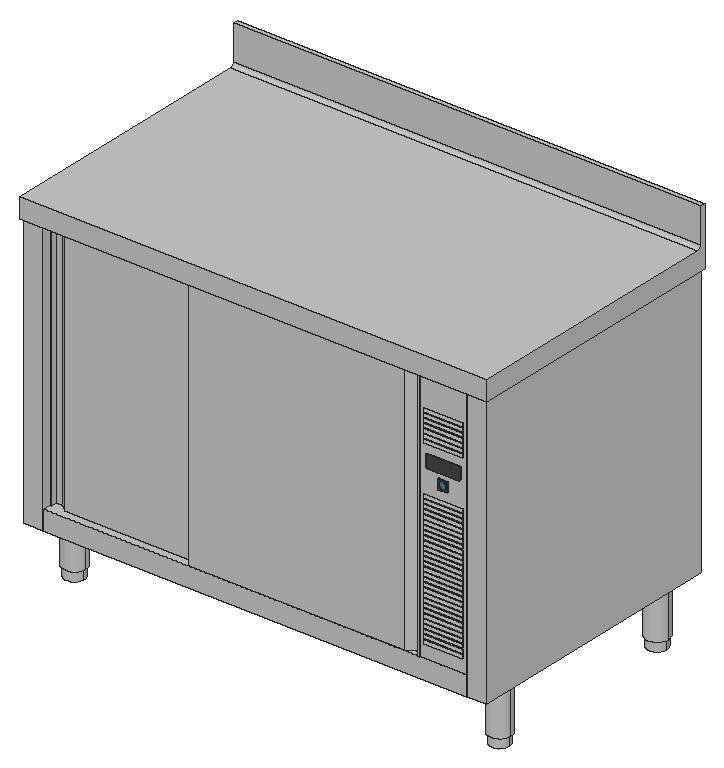
Revit family "QF_ZANUSSI_132791_MTC1210PN", category Attrezzature speciali, Revit 2020
Family settings
  Quota connettore circolare = Usa diametro
  Tipo di parte = Normale
  Basato su piano di lavoro = No
  Sempre verticale = Sì
  Taglio con vuoti quando caricato = No
  Condiviso = No
  Punto di calcolo locali = No
Parameters (values of type "Standard")
  Weight = 55.00 kg
  Watts = 2400 W
  Volts = 220 V
  URL Manufacturer = "http://www.zanussiprofessional.com"
  URL = "http://www.zanussiprofessional.com"
  Steam Supply Size = 0 mm
  Steam Supply Minimum Pressure = 0.0 Pa
  Steam Supply Maximum Pressure = 0.0 Pa
  Steam Consumption per Hour = 0
  Refrigeration Suction Line Size = 0.0 mm
  Refrigeration Liquid Line Size = 0.0 mm
  Refrigerant Compressor Remote = yes
  Prospetto di default = 0.0 mm
  Produttore = "Zanussi"
  Phase = 1
  Modello = "MTC1210PN"
  Length Actual = 1200.0 mm  # constant formula
  Item Number = "132791"
  Hot Water Size = 0 mm
  Height Actual = 1000.0 mm  # constant formula
  HP = "3.2 HP"
  Gas Size = 0 mm
  Gas KW = 0
  Gas Input Pressure = 0 W
  Direct Waste Size = 0 mm
  Descrizione = "HOT CUPB.VENT+UPST+SHELF+SLIDING D. 1200"
  Depth Actual = 700.0 mm  # constant formula
  Cycle = 50 Hz
  Condensate Return Size = 0 mm
  Compressed Air Volume = 0.0 L/s
  Compressed Air Size = 0 mm
  Compressed Air Pressure = 0.0 Pa
  Cold Water Size = 0 mm
  Accessory = yes
Reference planes
  plane 1 "Center (Front/Back)": y = 0
  plane 2: z = 0
  plane 3 "Center (Left/Right)": x = -100
  plane 4 "LEFT": x = -700
  plane 5 "RIGHT": x = 500
  plane 6 "BACK": y = 350
  plane 7 "FRONT": y = -350
  plane 8 "Base": z = 850
  plane 9 "TOP": z = 900
  plane 10: x = -646.5
  plane 11: x = 446.5
  plane 12: y = 264.5
  plane 13: y = -241.5
  plane 14 "BodyLeft": x = -694.5
  plane 15 "BodyFront": y = -344.5
  plane 16 "BodyRight": x = 494.5
  plane 17 "BodyBack": y = 344.5
  plane 18 "FEET": z = 150
  plane 19: x = 324.5
  plane 20: x = -161
  plane 21: x = 444.5
  plane 22 "EIx": x = 400
  plane 23 "EIy": y = -170
Forms (mm)
  Extrusion 1, solid, material "QF_Finishes_Stainless Steel"
    sketch origin (-100, 0, 0) x (0, 1, 0) y (0, 0, 1)
      loop
        line (-350, 850) -> (350, 850) -> (350, 1000) -> (337, 1000) -> (337, 910)
        arc (337, 910) -> (334.071, 902.929) -> (327, 900) r 10
        line (327, 900) -> (-350, 900) -> (-350, 850)
    from 600 to -600
  Extrusion 2, solid, material "QF_Finishes_Stainless Steel"
    sketch origin (0, 0, 150) x (-1, 0, 0) y (0, -1, 0)
      loop
        line (694.5, -344.5) -> (694.5, 344.5) -> (644.5, 344.5) -> (644.5, -344.5) -> (694.5, -344.5)
      loop
        line (-444.5, -344.5) -> (-444.5, 344.5) -> (-494.5, 344.5) -> (-494.5, -344.5) -> (-444.5, -344.5)
    from 0 to 700
  Extrusion 3, solid, material "QF_Finishes_Stainless Steel"
    sketch origin (0, 0, 150) x (-1, 0, 0) y (0, -1, 0)
      loop
        line (644.5, -344.5) -> (644.5, 344.5) -> (-444.5, 344.5) -> (-444.5, -344.5) -> (644.5, -344.5)
    from 0 to 50
  Extrusion 4, solid, material "QF_Finishes_Stainless Steel"
    sketch origin (-1, 0, 150) x (-1, 0, 0) y (0, -1, 0)
      loop
        line (-325.5, 344.5) -> (-325.5, 324.5) -> (270.5, 324.5) -> (270.5, 344.5) -> (-285.5, 344.5) -> (-305.5, 329.5) -> (-320.5, 329.5) -> (-320.5, 344.5) -> (-325.5, 344.5)
    from 50 to 700
  Extrusion 5, solid, material "QF_Finishes_Stainless Steel"
    sketch origin (1, 20, 150) x (1, 0, 0) y (0, 1, 0)
      loop
        line (-645.5, -344.5) -> (-640.5, -344.5) -> (-640.5, -329.5) -> (-625.5, -329.5) -> (-605.5, -344.5) -> (-51.5, -344.5) -> (-51.5, -324.5) -> (-645.5, -324.5) -> (-645.5, -344.5)
    from 50 to 700
  Extrusion 6, solid, material "QF_Finishes_Stainless Steel"
    sketch origin (0, 0, 0) x (1, 0, 0) y (0, 1, 0)
      loop
        line (-644.5, -304.5) -> (324.5, -304.5) -> (324.5, 324.5) -> (-644.5, 324.5) -> (-644.5, -304.5)
    from 500 to 540
  Extrusion 7, solid, material "QF_Finishes_Stainless Steel"
    sketch origin (0, 0, 0) x (1, 0, 0) y (0, 1, 0)
      loop
        line (444.5, 344.5) -> (-644.5, 344.5) -> (-644.5, 324.5) -> (444.5, 324.5) -> (444.5, 344.5)
    from 200 to 850
  Extrusion 8, solid, material "QF_Finishes_Stainless Steel"
    sketch origin (0, 0, 150) x (-1, 0, 0) y (0, -1, 0)
      loop
        circle (-400, 170) r 10
    from 0 to -5
Cuts and joins
  joined: Extrusion 3, Extrusion 7
Lines and regions (mm)
  symbolic lines
    curve 1: line (500, 350, 900) -> (-700, 350, 900)
    curve 2: line (-700, 350, 900) -> (-700, -350, 900)
    curve 3: line (-700, -350, 900) -> (500, -350, 900)
    curve 4: line (500, -350, 900) -> (500, 350, 900)
    curve 15: line (500, 337, 900) -> (-700, 337, 900)
  symbolic lines, style "SpecialityEquipmentHiddenLines"
    curve 5: line (-694.5, 344.5, 150) -> (494.5, 344.5, 150)
    curve 6: line (-694.5, -344.5, 150) -> (-694.5, 344.5, 150)
    curve 7: line (494.5, -344.5, 150) -> (-694.5, -344.5, 150)
    curve 8: line (494.5, 344.5, 150) -> (494.5, -344.5, 150)
    curve 9: line (-645.5, -304.5, 150) -> (-49.5, -304.5, 150)
    curve 10: line (-49.5, -304.5, 150) -> (-49.5, -324.5, 150)
    curve 11: line (-645.5, -324.5, 150) -> (324.5, -324.5, 150)
    curve 12: line (324.5, -324.5, 150) -> (324.5, -344.5, 150)
    curve 13: line (-645.5, -304.5, 150) -> (-645.5, -324.5, 150)
    curve 14: line (-271.5, -344.5, 0) -> (-271.5, -324.5, 0)
Dimensions and locks
  plane 4 "LEFT" to plane 5 "RIGHT" = 1200.0 mm
  equal spacing: plane 4 "LEFT", plane 3 "Center (Left/Right)", plane 5 "RIGHT"
  locked: plane 8 "Base" to level at 850
  plane 9 "TOP" to level = 900.0 mm
  plane 6 "BACK" to plane 7 "FRONT" = 700.0 mm
  equal spacing: plane 6 "BACK", plane 1 "Center (Front/Back)", plane 7 "FRONT"
  locked: plane 4 "LEFT" to plane 14 "BodyLeft" at 5.5
  locked: plane 16 "BodyRight" to plane 5 "RIGHT" at 5.5
  locked: plane 15 "BodyFront" to plane 7 "FRONT" at 5.5
  locked: plane 6 "BACK" to plane 17 "BodyBack" at 5.5
  locked: plane 14 "BodyLeft" to plane 10 at 48
  locked: plane 11 to plane 16 "BodyRight" at 48
  locked: plane 13 to plane 15 "BodyFront" at 103
  locked: plane 17 "BodyBack" to plane 12 at 80
  plane 10 to plane 11 = 1093.0 mm
  plane 12 to plane 13 = 506.0 mm
  locked: plane 14 "BodyLeft" to Extrusion 2 sketch curve at 50
  locked: Extrusion 2 sketch curve to Extrusion 2 sketch curve at 50
  equal spacing: plane 10, plane 20, plane 19
  locked: plane 21 to plane 16 "BodyRight" at 50
  locked: plane 19 to plane 21 at 120
  locked: Extrusion 4 sketch curve to plane 20 at 110.5
  locked: plane 20 to Extrusion 5 sketch curve at 110.5
  locked: plane 18 "FEET" to level at 150
  locked: plane 22 "EIx" to plane 5 "RIGHT" at 100
  plane 23 "EIy" to plane 7 "FRONT" = 180.0 mm
  locked: Extrusion 1 to level at 1000
  aligned and locked: level to plane 2
  aligned and locked: plane 10 to nested 1
  aligned and locked: nested 1 to plane 13
  aligned and locked: plane 11 to nested 2
  aligned and locked: nested 2 to plane 13
  aligned and locked: plane 11 to nested 4
  aligned and locked: nested 4 to plane 12
  aligned and locked: plane 10 to nested 3
  aligned and locked: nested 3 to plane 12
  aligned and locked: Extrusion 1 to plane 4 "LEFT"
  aligned and locked: plane 5 "RIGHT" to Extrusion 1
  aligned and locked: curve 2 to plane 4 "LEFT"
  aligned and locked: plane 17 "BodyBack" to Extrusion 2 sketch curve
  aligned and locked: Extrusion 2 sketch curve to plane 15 "BodyFront"
  aligned and locked: Extrusion 2 sketch curve to plane 14 "BodyLeft"
  aligned and locked: plane 16 "BodyRight" to Extrusion 2 sketch curve
  aligned and locked: Extrusion 2 sketch curve to plane 17 "BodyBack"
  aligned and locked: plane 15 "BodyFront" to Extrusion 2 sketch curve
  aligned and locked: Extrusion 3 sketch curve to plane 17 "BodyBack"
  aligned and locked: plane 15 "BodyFront" to Extrusion 3 sketch curve
  aligned and locked: plane 8 "Base" to Extrusion 2
  aligned and locked: plane 8 "Base" to Extrusion 4
  aligned and locked: Extrusion 4 to Extrusion 3
  aligned and locked: Extrusion 1 to plane 8 "Base"
  aligned and locked: plane 9 "TOP" to Extrusion 1
  aligned and locked: curve 5 to plane 17 "BodyBack"
  aligned and locked: plane 14 "BodyLeft" to curve 6
  aligned and locked: plane 15 "BodyFront" to curve 7
  aligned and locked: plane 16 "BodyRight" to curve 8
  aligned and locked: Extrusion 3 to Extrusion 2  (x2)
  aligned and locked: Extrusion 6 sketch curve to Extrusion 2
  aligned and locked: Extrusion 6 sketch curve to Extrusion 5
  aligned and locked: nested 5 to plane 21
  aligned and locked: Extrusion 7 sketch curve to Extrusion 2
  aligned and locked: Extrusion 6 sketch curve to plane 19
Automatic sketch dimensions
  Extrusion 8 sketch curve to plane 22 "EIx" = 0.0 mm
  Extrusion 8 sketch curve to plane 23 "EIy" = 0.0 mm
  curve 14 to plane 15 "BodyFront" = 0.0 mm
  plane 15 "BodyFront" to curve 14 = 20.0 mm
  curve 14 to plane 20 = 110.5 mm
  curve 3 to plane 7 "FRONT" = 0.0 mm
  curve 15 to plane 5 "RIGHT" = 0.0 mm
  curve 4 to plane 6 "BACK" = 0.0 mm
  curve 15 to plane 17 "BodyBack" = 7.5 mm
  Extrusion 1 sketch curve to plane 7 "FRONT" = 0.0 mm
  Extrusion 1 sketch curve to plane 9 "TOP" = 0.0 mm
  Extrusion 1 sketch curve to plane 6 "BACK" = 0.0 mm
  Extrusion 1 sketch curve to plane 8 "Base" = 0.0 mm
  Extrusion 1 sketch curve to plane 17 "BodyBack" = 17.5 mm
  Extrusion 1 sketch curve to plane 17 "BodyBack" = 7.5 mm
  Extrusion 1 sketch curve to Extrusion 1 sketch curve = 90.0 mm
  Extrusion 3 sketch curve to plane 21 = 0.0 mm
  plane 10 to Extrusion 3 sketch curve = 2.0 mm
  Extrusion 4 sketch curve to plane 19 = 0.0 mm
  Extrusion 4 sketch curve to plane 15 "BodyFront" = 0.0 mm  (x2)
  Extrusion 4 sketch curve to Extrusion 4 sketch curve = 5.0 mm
  Extrusion 4 sketch curve to Extrusion 4 sketch curve = 15.0 mm  (x2)
  Extrusion 4 sketch curve to Extrusion 4 sketch curve = 20.0 mm  (x2)
  Extrusion 5 sketch curve to plane 15 "BodyFront" = 20.0 mm  (x2)
  Extrusion 5 sketch curve to plane 10 = 42.0 mm
  Extrusion 5 sketch curve to plane 10 = 22.0 mm
  Extrusion 5 sketch curve to plane 10 = 7.0 mm
  Extrusion 5 sketch curve to plane 10 = 2.0 mm
  Extrusion 5 sketch curve to Extrusion 5 sketch curve = 15.0 mm
  Extrusion 5 sketch curve to Extrusion 5 sketch curve = 20.0 mm
  curve 12 to plane 19 = 0.0 mm
  curve 7 to plane 15 "BodyFront" = 0.0 mm
  plane 3 "Center (Left/Right)" to curve 10 = 50.5 mm
  plane 10 to curve 13 = 1.0 mm
  plane 15 "BodyFront" to curve 9 = 40.0 mm
  plane 15 "BodyFront" to curve 11 = 20.0 mm
  Extrusion 6 sketch curve to plane 17 "BodyBack" = 20.0 mm
  Extrusion 7 sketch curve to plane 21 = 0.0 mm
  Extrusion 7 sketch curve to plane 17 "BodyBack" = 0.0 mm
  Extrusion 7 sketch curve to Extrusion 7 sketch curve = 20.0 mm
  radius of Extrusion 8 sketch curve = 10.0 mm
Nested families
  nested 1: "FEET_D58-150" at (-646.5, -241.5, 0), type "FEET_D58-150"
  nested 2: "FEET_D58-150" at (446.5, -241.5, 0), type "FEET_D58-150"
  nested 3: "FEET_D58-150" at (-646.5, 264.5, 0), type "FEET_D58-150"
  nested 4: "FEET_D58-150" at (446.5, 264.5, 0), type "FEET_D58-150"
  nested 5: "WT_PNL120x650" at (531.42, -304.5, 600) x (1, 0, 0) z (0, -1, 0), type "WT_PNL120x650"
    with Show Logo yes
Connectors
  electrical at (400, -170, 145)
    settings: on Extrusion 8, index 1, voltage 0 V, apparent load 0 VA, apparent load phase1 0 VA, apparent load phase2 0 VA, apparent load phase3 0 VA, power factor 1, load classification "Other", number of poles 1, system type 30, power factor state 1, is connector primary yes, connector utility no, sub classification motor no, connector description "Electrical connection"
Definition of nested family "FEET_D58-150"
  Parameters
    Default Elevation = 0.0 mm
    FEET = 150.0 mm
  Reference planes
    plane 1 "Center (Front/Back)": y = 0
    plane 2: z = 0
    plane 3 "Center (Left/Right)": x = 0
    plane 4: z = 150
  Forms (mm)
    Extrusion 1, solid
      sketch origin (0, 0, 0) x (1, 0, 0) y (0, 1, 0)
        loop
          circle (0, 0) r 25
      from 0 to 25
    Extrusion 2, solid
      sketch origin (0, 0, 0) x (1, 0, 0) y (0, 1, 0)
        loop
          circle (0.061, 0) r 29
      from 25 to 150 <- "FEET"
  Lines and regions (mm)
    symbolic lines
      curve 1: line (0, -1.503, 0) -> (0, 1.508, 0)
      curve 2: line (1.561, 0, 0) -> (-1.439, 0, 0)
  Dimensions and locks
    "FEET": plane 4 to plane 2
    aligned and locked: level to plane 2
  Automatic sketch dimensions
    plane 1 "Center (Front/Back)" to Extrusion 1 sketch curve = 0.0 mm
    Extrusion 1 sketch curve to plane 3 "Center (Left/Right)" = 0.0 mm
    plane 1 "Center (Front/Back)" to curve 2 = 0.0 mm
    curve 1 to plane 3 "Center (Left/Right)" = 0.0 mm
    curve 2 to plane 3 "Center (Left/Right)" = 1.439 mm
    plane 3 "Center (Left/Right)" to curve 2 = 1.561 mm
    plane 1 "Center (Front/Back)" to curve 1 = 1.503 mm
    curve 1 to plane 1 "Center (Front/Back)" = 1.508 mm
    plane 1 "Center (Front/Back)" to Extrusion 2 sketch curve = 0.0 mm
    plane 3 "Center (Left/Right)" to Extrusion 2 sketch curve = 0.061 mm
    radius of Extrusion 1 sketch curve = 25.0 mm
    radius of Extrusion 2 sketch curve = 29.0 mm
Definition of nested family "WT_PNL120x650"
  Parameters
    Show Logo [instance] = yes
    Default Elevation = 1219.2 mm
  Reference planes
    plane 1 "Center (Front/Back)": y = -75
    plane 2: z = 0
    plane 3 "Center (Left/Right)": x = -146.92
    plane 4: x = -206.92
    plane 5: x = -86.92
    plane 6: y = 250
    plane 7: y = -400
    plane 8 "TOP": z = 40
  Forms (mm)
    Extrusion 1, solid
      sketch origin (0, 0, 0) x (1, 0, 0) y (0, 1, 0)
        loop
          line (-1219.2, 1219.2) -> (-1219.2, -1219.2) -> (1219.2, -1219.2) -> (1219.2, 1219.2) -> (-1219.2, 1219.2)
      from 0 to -304.8
    Extrusion 2, solid
      sketch origin (0, 0, 0) x (1, 0, 0) y (0, 1, 0)
        loop
          line (-206.92, 250) -> (-206.92, -400) -> (-86.92, -400) -> (-86.92, 250) -> (-206.92, 250)
      from 0 to 40
    Extrusion 3, void
      sketch origin (0, 0, 40) x (-1, 0, 0) y (0, -1, 0)
        loop
          arc (101.92, -68.899) -> (103.795, -73.256) -> (108.247, -74.89) r 6
          line (108.247, -74.89) -> (185.92, -74.89)
          arc (185.92, -74.89) -> (190.163, -73.133) -> (191.92, -68.89) r 6
          line (191.92, -68.89) -> (191.92, -45.89)
          arc (191.92, -45.89) -> (190.163, -41.648) -> (185.92, -39.89) r 6
          line (185.92, -39.89) -> (107.92, -39.89)
          arc (107.92, -39.89) -> (103.677, -41.648) -> (101.92, -45.89) r 6
          line (101.92, -45.89) -> (101.92, -68.899)
        loop
          line (158.92, -27.89) -> (158.92, -2.89) -> (134.92, -2.89) -> (134.92, -27.89) -> (158.92, -27.89)
      from -2 to 0
    Extrusion 4, solid
      sketch origin (0, 0, 40) x (-1, 0, 0) y (0, -1, 0)
        loop
          line (185.92, -39.89) -> (107.92, -39.89)
          arc (107.92, -39.89) -> (103.677, -41.648) -> (101.92, -45.89) r 6
          line (101.92, -45.89) -> (101.92, -68.899)
          arc (101.92, -68.899) -> (103.795, -73.256) -> (108.247, -74.89) r 6
          line (108.247, -74.89) -> (185.92, -74.89)
          arc (185.92, -74.89) -> (190.163, -73.133) -> (191.92, -68.89) r 6
          line (191.92, -68.89) -> (191.92, -45.89)
          arc (191.92, -45.89) -> (190.163, -41.648) -> (185.92, -39.89) r 6
      from -2 to 1
    Extrusion 5, solid
      sketch origin (-146.92, 0, 0) x (0, 1, 0) y (0, 0, 1)
        loop
          line (95.896, 40) -> (104.899, 40) -> (95.896, 41.206) -> (95.896, 40)
        loop
          line (107.896, 40) -> (116.899, 40) -> (107.896, 41.206) -> (107.896, 40)
        loop
          line (119.896, 40) -> (128.899, 40) -> (119.896, 41.206) -> (119.896, 40)
        loop
          line (131.896, 40) -> (140.899, 40) -> (131.896, 41.206) -> (131.896, 40)
        loop
          line (143.896, 40) -> (152.899, 40) -> (143.896, 41.206) -> (143.896, 40)
        loop
          line (155.896, 40) -> (164.899, 40) -> (155.896, 41.206) -> (155.896, 40)
        loop
          line (167.896, 40) -> (176.899, 40) -> (167.896, 41.206) -> (167.896, 40)
        loop
          line (-102.104, 40) -> (-93.101, 40) -> (-102.104, 41.206) -> (-102.104, 40)
        loop
          line (-90.104, 40) -> (-81.101, 40) -> (-90.104, 41.206) -> (-90.104, 40)
        loop
          line (-78.104, 40) -> (-69.101, 40) -> (-78.104, 41.206) -> (-78.104, 40)
        loop
          line (-66.104, 40) -> (-57.101, 40) -> (-66.104, 41.206) -> (-66.104, 40)
        loop
          line (-54.104, 40) -> (-45.101, 40) -> (-54.104, 41.206) -> (-54.104, 40)
        loop
          line (-42.104, 40) -> (-33.101, 40) -> (-42.104, 41.206) -> (-42.104, 40)
        loop
          line (-30.104, 40) -> (-21.101, 40) -> (-30.104, 41.206) -> (-30.104, 40)
        loop
          line (-174.104, 40) -> (-165.101, 40) -> (-174.104, 41.206) -> (-174.104, 40)
        loop
          line (-162.104, 40) -> (-153.101, 40) -> (-162.104, 41.206) -> (-162.104, 40)
        loop
          line (-150.104, 40) -> (-141.101, 40) -> (-150.104, 41.206) -> (-150.104, 40)
        loop
          line (-138.104, 40) -> (-129.101, 40) -> (-138.104, 41.206) -> (-138.104, 40)
        loop
          line (-126.104, 40) -> (-117.101, 40) -> (-126.104, 41.206) -> (-126.104, 40)
        loop
          line (-114.104, 40) -> (-105.101, 40) -> (-114.104, 41.206) -> (-114.104, 40)
        loop
          line (-246.104, 40) -> (-237.101, 40) -> (-246.104, 41.206) -> (-246.104, 40)
        loop
          line (-234.104, 40) -> (-225.101, 40) -> (-234.104, 41.206) -> (-234.104, 40)
        loop
          line (-222.104, 40) -> (-213.101, 40) -> (-222.104, 41.206) -> (-222.104, 40)
        loop
          line (-210.104, 40) -> (-201.101, 40) -> (-210.104, 41.206) -> (-210.104, 40)
        loop
          line (-198.104, 40) -> (-189.101, 40) -> (-198.104, 41.206) -> (-198.104, 40)
        loop
          line (-186.104, 40) -> (-177.101, 40) -> (-186.104, 41.206) -> (-186.104, 40)
        loop
          line (-318.104, 40) -> (-309.101, 40) -> (-318.104, 41.206) -> (-318.104, 40)
        loop
          line (-306.104, 40) -> (-297.101, 40) -> (-306.104, 41.206) -> (-306.104, 40)
        loop
          line (-294.104, 40) -> (-285.101, 40) -> (-294.104, 41.206) -> (-294.104, 40)
        loop
          line (-282.104, 40) -> (-273.101, 40) -> (-282.104, 41.206) -> (-282.104, 40)
        loop
          line (-270.104, 40) -> (-261.101, 40) -> (-270.104, 41.206) -> (-270.104, 40)
        loop
          line (-258.104, 40) -> (-249.101, 40) -> (-258.104, 41.206) -> (-258.104, 40)
        loop
          line (-366.104, 40) -> (-357.101, 40) -> (-366.104, 41.206) -> (-366.104, 40)
        loop
          line (-354.104, 40) -> (-345.101, 40) -> (-354.104, 41.206) -> (-354.104, 40)
        loop
          line (-342.104, 40) -> (-333.101, 40) -> (-342.104, 41.206) -> (-342.104, 40)
        loop
          line (-330.104, 40) -> (-321.101, 40) -> (-330.104, 41.206) -> (-330.104, 40)
      from -50 to 50
    Extrusion 6, solid
      sketch origin (0, 0, 40) x (-1, 0, 0) y (0, -1, 0)
        loop
          line (134.92, -27.89) -> (158.92, -27.89) -> (158.92, -2.89) -> (134.92, -2.89) -> (134.92, -27.89)
        loop
          circle (146.92, -15.39) r 9
      from -2 to 3
    Extrusion 7, solid
      sketch origin (0, 0, 40) x (-1, 0, 0) y (0, -1, 0)
        loop
          circle (146.92, -15.39) r 9
      from 0 to 3
  Cuts and joins
    Extrusion 3 cuts Extrusion 2
  Dimensions and locks
    equal spacing: plane 6, plane 1 "Center (Front/Back)", plane 7
    equal spacing: plane 4, plane 3 "Center (Left/Right)", plane 5
    plane 8 "TOP" to level = 40.0 mm
    aligned and locked: plane 2 to Extrusion 1
    aligned and locked: level to Extrusion 1
  Automatic sketch dimensions
    Extrusion 1 sketch curve to Extrusion 1 sketch curve = 2438.4 mm  (x2)
    Extrusion 2 sketch curve to plane 4 = 0.0 mm
    Extrusion 2 sketch curve to plane 5 = 0.0 mm
    Extrusion 2 sketch curve to plane 7 = 0.0 mm
    Extrusion 2 sketch curve to plane 6 = 0.0 mm
    Extrusion 5 sketch curve to plane 8 "TOP" = 0.0 mm  (x36)
    Extrusion 5 sketch curve to Extrusion 5 sketch curve = 9.003 mm  (x35)
    plane 8 "TOP" to Extrusion 5 sketch curve = 1.206 mm  (x22)
    Extrusion 5 sketch curve to Extrusion 5 sketch curve = 2.997 mm  (x33)
    plane 1 "Center (Front/Back)" to Extrusion 5 sketch curve = 6.101 mm
    plane 1 "Center (Front/Back)" to Extrusion 5 sketch curve = 3.104 mm
    Extrusion 5 sketch curve to plane 1 "Center (Front/Back)" = 5.899 mm
    Extrusion 5 sketch curve to Extrusion 5 sketch curve = 116.997 mm
    Extrusion 5 sketch curve to Extrusion 5 sketch curve = 1.206 mm  (x14)
    Extrusion 4 sketch curve to plane 5 = 15.0 mm
    Extrusion 4 sketch curve to Extrusion 4 sketch curve = 6.0 mm  (x3)
    Extrusion 4 sketch curve to Extrusion 4 sketch curve = 0.327 mm
    plane 4 to Extrusion 4 sketch curve = 21.0 mm  (x2)
    Extrusion 4 sketch curve to plane 1 "Center (Front/Back)" = 149.89 mm
    Extrusion 4 sketch curve to Extrusion 4 sketch curve = 23.009 mm
    Extrusion 3 sketch curve to plane 5 = 15.0 mm
    Extrusion 3 sketch curve to Extrusion 3 sketch curve = 6.0 mm  (x3)
    Extrusion 3 sketch curve to Extrusion 3 sketch curve = 0.327 mm
    plane 3 "Center (Left/Right)" to Extrusion 3 sketch curve = 12.0 mm
    Extrusion 3 sketch curve to plane 3 "Center (Left/Right)" = 12.0 mm
    plane 4 to Extrusion 3 sketch curve = 21.0 mm  (x2)
    Extrusion 3 sketch curve to plane 1 "Center (Front/Back)" = 149.89 mm
    Extrusion 3 sketch curve to Extrusion 3 sketch curve = 23.0 mm
    Extrusion 3 sketch curve to Extrusion 3 sketch curve = 12.0 mm
    Extrusion 3 sketch curve to Extrusion 3 sketch curve = 25.0 mm
    Extrusion 6 sketch curve to plane 3 "Center (Left/Right)" = 0.0 mm
    plane 3 "Center (Left/Right)" to Extrusion 6 sketch curve = 12.0 mm
    Extrusion 6 sketch curve to plane 3 "Center (Left/Right)" = 12.0 mm
    Extrusion 6 sketch curve to plane 1 "Center (Front/Back)" = 102.89 mm
    Extrusion 6 sketch curve to Extrusion 6 sketch curve = 12.5 mm  (x2)
    Extrusion 7 sketch curve to plane 3 "Center (Left/Right)" = 0.0 mm
    Extrusion 7 sketch curve to plane 1 "Center (Front/Back)" = 90.39 mm
    radius of Extrusion 6 sketch curve = 9.0 mm
    radius of Extrusion 7 sketch curve = 9.0 mm
